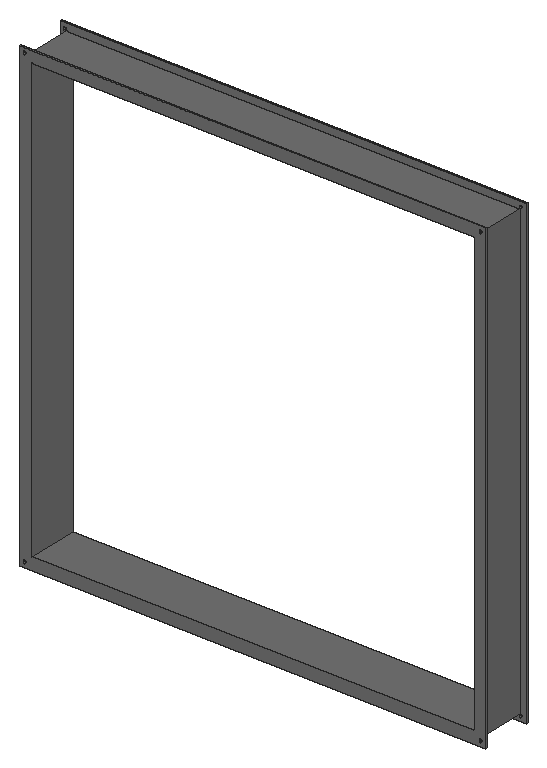
Revit family "19.Гибкая вставка ANR B1", category Оборудование, Revit 2016
Family settings
  Тип детали = Нормальный
  Размер круглого соединителя = Использовать диаметр
  На основе рабочей плоскости = Нет
  Всегда вертикально = Да
  При загрузке вырезать с полостями = Нет
  Общий = Нет
  Точка расчета площади = Нет
Parameters (values of type "ANR 12 B1")
  №8 = no
  №7 = no
  №6 = no
  №45 = no
  №40 = no
  №35 = no
  №30 = no
  №25 = no
  №20 = no
  №12 = yes
  Ширина = А - 2 * Р  # 1289.964 mm
  Середина = Б / 2  # 678.5 mm
  Р = Б * 0.0247  # 33.518 mm
  Д1 = Д - 20 mm  # 130 mm
  Д = 150 mm  # constant formula
  ножки(да/нет) [instance] = no
  Высота = Б - 2 * Р  # 1289.964 mm
  Б1 = 1328 mm
  А1 = 1328 mm
  А = 1357 mm
  Б = 1357 mm
  Частотный преобразователь [instance] = no
  Частота вращения n, об/мин = ""
  Тип, марка, обозначение = "ANR 12 B1"
  Сила тока J, А = ""
  Регулятор расхода [instance] = no
  Раздел = "ОВ"
  Примечание = ""
  Позиция = ""
  Напряжение U,В = ""
  Наименование и тех.хар-ка = "Гибкая вставка"  # constant formula
  Мощность двигателя N,Вт = ""
  Материал = Сталь серая
  Масса единицы = ""
  Код, оборудования = ""
  Ключевая пометка = "Вентиляция"
  Задание электрикам [instance] = no
  Задание автоматчикам [instance] = no
  Завод изготовитель = "KORF"  # constant formula
  Единица измерения = "шт."  # constant formula
Reference planes
  plane 1 "По центру (Вперед/Назад)": y = 0
  plane 2: z = 0
  plane 3 "По центру (Влево/Вправо)": x = 0
  plane 4: x = -678.5
  plane 5: x = 678.5
  plane 6: y = -75
  plane 7: y = 75
  plane 8: z = 1357
  plane 9: z = 1342.5
  plane 10: z = 14.5
  plane 11: x = -664
  plane 12: x = 664
  plane 13: z = 678.5
  plane 14: z = 1323.482
  plane 15: z = 33.518
  plane 16: x = 644.982
  plane 17: x = -644.982
Forms (mm)
  Extrusion 1, void, not visible
    sketch origin (-345, -245, 50) x (0, -1, 0) y (0, 0, -1)
      loop
        line (-477.965, -475) -> (-477.965, -450) -> (-528.913, -450) -> (-528.913, -475) -> (-477.965, -475)
    from -47.452 to 12
  Extrusion 2, solid, material "резина", detail levels fine
    sketch origin (0, 0, 0) x (1, 0, 0) y (0, 1, 0)
      loop
        line (-678.5, 75) -> (-678.5, -75) -> (678.5, -75) -> (678.5, 75) -> (-678.5, 75)
    from 0 to 1357
  Extrusion 3, void
    sketch origin (0, 0, 0) x (1, 0, 0) y (0, 0, 1)
      loop
        line (-644.982, 1323.482) -> (-644.982, 33.518) -> (644.982, 33.518) -> (644.982, 1323.482) -> (-644.982, 1323.482)
    from -75 to 75
  Sweep 4, void, detail levels fine
    path in 3D
      loop
        line (678.5, -75, 1357) -> (678.5, -75, 0) -> (-678.5, -75, 0) -> (-678.5, -75, 1357) -> (678.5, -75, 1357)
    profile origin (0, -75, 1357) x (0, 1, 0) y (0, 0, 1)
      loop
        line (3.795, 0) -> (3.795, -20) -> (146.295, -20) -> (146.295, 0) -> (3.795, 0)
  Extrusion 5, void
    sketch origin (0, 0, 0) x (1, 0, 0) y (0, 0, 1)
      loop
        circle (-664, 1342.5) r 5
      loop
        circle (664, 1342.5) r 5
      loop
        circle (664, 14.5) r 5
      loop
        circle (-664, 14.5) r 5
    from -75 to 75
  Extrusion 6, solid, material "резина", detail levels coarse
    sketch origin (0, 0, 0) x (1, 0, 0) y (0, 1, 0)
      loop
        line (-678.5, 75) -> (-678.5, -75) -> (678.5, -75) -> (678.5, 75) -> (-678.5, 75)
    from 0 to 2
Cuts and joins
  Extrusion 3, Sweep 4, Extrusion 5 cuts Extrusion 2
Lines and regions (mm)
  sketch lines
    curve 1: line (-678.5, -75, 1357) -> (678.5, -75, 1357)
    curve 2: line (678.5, -75, 1357) -> (678.5, -75, 0)
    curve 3: line (-678.5, -75, 1357) -> (-678.5, -75, 0)
    curve 4: line (678.5, -75, 0) -> (-678.5, -75, 0)
Dimensions and locks
  equal spacing: plane 6, plane 1 "По центру (Вперед/Назад)", plane 7
  "Д": plane 6 to plane 7
  equal spacing: plane 4, plane 3 "По центру (Влево/Вправо)", plane 5
  "А": plane 4 to plane 5
  "Б": plane 8 to level
  "Середина": plane 13 to level
  equal spacing: plane 9, plane 13, plane 10
  "Б1": plane 9 to plane 10
  equal spacing: plane 12, plane 3 "По центру (Влево/Вправо)", plane 11
  "А1": plane 12 to plane 11
  "Р": plane 17 to plane 4
  "Р": plane 5 to plane 16
  "Р": plane 15 to level
  "Р": plane 8 to plane 14
  plane 7 to plane 6 = 150 mm
  plane 8 to level = 1357 mm
  aligned and locked: level to plane 2
  aligned and locked: Extrusion 2 to plane 4
  aligned and locked: plane 5 to Extrusion 2
  aligned and locked: Extrusion 2 to plane 7
  aligned and locked: plane 6 to Extrusion 2
  aligned and locked: Extrusion 2 to plane 8
  aligned and locked: cut or joined group of Extrusion 2, Extrusion 3, Sweep 4, Extrusion 5 to plane 14
  aligned and locked: plane 16 to cut or joined group of Extrusion 2, Extrusion 3, Sweep 4, Extrusion 5
  aligned and locked: cut or joined group of Extrusion 2, Extrusion 3, Sweep 4, Extrusion 5 to plane 15
  aligned and locked: cut or joined group of Extrusion 2, Extrusion 3, Sweep 4, Extrusion 5 to plane 17
  aligned and locked: plane 6 to cut or joined group of Extrusion 2, Extrusion 3, Sweep 4, Extrusion 5
  aligned and locked: cut or joined group of Extrusion 2, Extrusion 3, Sweep 4, Extrusion 5 to plane 7
  aligned and locked: plane 6 to Extrusion 5
  aligned and locked: Extrusion 5 to plane 7
  aligned and locked: Extrusion 6 sketch curve to cut or joined group of Extrusion 2, Extrusion 3, Sweep 4, Extrusion 5  (x4)
  aligned and locked: nested 2 to plane 6
  aligned and locked: level to nested 2
  aligned and locked: nested 3 to plane 6
  aligned and locked: level to nested 3
  aligned and locked: plane 3 "По центру (Влево/Вправо)" to nested 3
  aligned and locked: plane 3 "По центру (Влево/Вправо)" to nested 2
  aligned and locked: nested 4 to plane 6
  aligned and locked: level to nested 4
  aligned and locked: plane 3 "По центру (Влево/Вправо)" to nested 4
  aligned and locked: nested 5 to plane 6
  aligned and locked: level to nested 5
  aligned and locked: plane 3 "По центру (Влево/Вправо)" to nested 5
  aligned and locked: nested 6 to plane 6
  aligned and locked: level to nested 6
  aligned and locked: plane 3 "По центру (Влево/Вправо)" to nested 6
  aligned and locked: nested 7 to plane 6
  aligned and locked: level to nested 7
  aligned and locked: plane 3 "По центру (Влево/Вправо)" to nested 7
  aligned and locked: nested 8 to plane 6
  aligned and locked: level to nested 8
  aligned and locked: nested 9 to plane 6
  aligned and locked: level to nested 9
  aligned and locked: plane 3 "По центру (Влево/Вправо)" to nested 9
  aligned and locked: plane 3 "По центру (Влево/Вправо)" to nested 8
  aligned and locked: nested 10 to plane 6
  aligned and locked: level to nested 10
  aligned and locked: nested 11 to plane 6
  aligned and locked: level to nested 11
Automatic sketch dimensions
  Extrusion 2 sketch curve to plane 4 = 0 mm
  Extrusion 2 sketch curve to plane 5 = 0 mm
  plane 6 to Extrusion 2 sketch curve = 0 mm
  plane 7 to Extrusion 2 sketch curve = 0 mm
  Extrusion 1 sketch curve to Extrusion 1 sketch curve = 50.949 mm
  Extrusion 1 sketch curve to Extrusion 1 sketch curve = 25 mm
  plane 17 to Extrusion 3 sketch curve = 0 mm
  Extrusion 3 sketch curve to plane 16 = 0 mm
  plane 15 to Extrusion 3 sketch curve = 0 mm
  Extrusion 3 sketch curve to plane 14 = 0 mm
  Sweep 4 sketch curve to profile plane = 0 mm
  Sweep 4 sketch curve to profile plane = 3.795 mm
  Sweep 4 sketch curve to profile plane = 20 mm
  Sweep 4 sketch curve to Sweep 4 sketch curve = 142.5 mm
  Extrusion 5 sketch curve to plane 10 = 0 mm  (x2)
  Extrusion 5 sketch curve to plane 11 = 0 mm  (x2)
  Extrusion 5 sketch curve to plane 9 = 0 mm  (x2)
  Extrusion 5 sketch curve to plane 12 = 0 mm  (x2)
  radius of Extrusion 5 sketch curve = 5 mm  (x4)
Nested families
  nested 1: "крепление 15мм" at (-330, 229.965, 495), type "крепление 15мм", not visible
  nested 2: "УГО гибкая вставка №6 (разрез)" at (0, 0, 0) x (0, 1, 0) z (0, 0, 1), visible <- "№6", высота <- "Б", длина <- "Д", type "УГО гибкая вставка №6 (разрез)", detail levels medium
    with длина 150 mm, высота 1357 mm, Ширина 0 mm
  nested 3: "УГО гибкая вставка №7 (разрез)" at (0, 0, 0) x (0, 1, 0) z (0, 0, 1), visible <- "№7", высота <- "Б", длина <- "Д", type "УГО гибкая вставка №7 (разрез)", detail levels medium
    with длина 150 mm, высота 1357 mm, Ширина 0 mm
  nested 4: "УГО гибкая вставка №8 (разрез)" at (0, 0, 0) x (0, 1, 0) z (0, 0, 1), visible <- "№8", высота <- "Б", длина <- "Д", type "УГО гибкая вставка №8 (разрез)", detail levels medium
    with длина 150 mm, высота 1357 mm, Ширина 0 mm
  nested 5: "УГО гибкая вставка №12 (разрез)" at (0, 0, 0) x (0, 1, 0) z (0, 0, 1), visible <- "№12", высота <- "Б", длина <- "Д", type "УГО гибкая вставка №12 (разрез)", detail levels medium
    with длина 150 mm, высота 1357 mm, Ширина 0 mm
  nested 6: "УГО гибкая вставка №20 (разрез)" at (0, 0, 0) x (0, 1, 0) z (0, 0, 1), visible <- "№20", высота <- "Б", длина <- "Д", type "УГО гибкая вставка №20 (разрез)", detail levels medium
    with длина 150 mm, высота 1357 mm, Ширина 0 mm
  nested 7: "УГО гибкая вставка №25 (разрез)" at (0, 0, 0) x (0, 1, 0) z (0, 0, 1), visible <- "№25", высота <- "Б", type "УГО гибкая вставка №25 (разрез)", detail levels medium
    with длина 150 mm, высота 1357 mm, Ширина 0 mm
  nested 8: "УГО гибкая вставка №30 (разрез)" at (0, 0, 0) x (0, 1, 0) z (0, 0, 1), visible <- "№30", высота <- "Б", длина <- "Д", type "УГО гибкая вставка №30 (разрез)", detail levels medium
    with длина 150 mm, высота 1357 mm, Ширина 0 mm
  nested 9: "УГО гибкая вставка №35 (разрез)" at (0, 0, 0) x (0, 1, 0) z (0, 0, 1), visible <- "№35", высота <- "Б", длина <- "Д", type "УГО гибкая вставка №35 (разрез)", detail levels medium
    with длина 150 mm, высота 1357 mm, Ширина 0 mm
  nested 10: "УГО гибкая вставка №40 (разрез)" at (1020.5, 0, 0) x (0, 1, 0) z (0, 0, 1), visible <- "№40", высота <- "Б", длина <- "Д", type "УГО гибкая вставка №40 (разрез)", detail levels medium
    with длина 150 mm, высота 1357 mm, Ширина 0 mm
  nested 11: "УГО гибкая вставка №45 (разрез)" at (1020.5, 0, 0) x (0, 1, 0) z (0, 0, 1), visible <- "№45", высота <- "Б", длина <- "Д", type "УГО гибкая вставка №45 (разрез)", detail levels medium
    with длина 150 mm, высота 1357 mm, Ширина 0 mm
Definition of nested family "крепление 15мм"
  Parameters (values of type "крепление 15мм")
    Материал крепления = none
  Reference planes
    plane 1 "По центру (Вперед/Назад)": y = 0
    plane 2: z = 0
    plane 3 "По центру (Влево/Вправо)": x = 0
  Forms (mm)
    Extrusion 1, solid, material <- "Материал крепления"
      sketch origin (0, 0, 0) x (1, 0, 0) y (0, 1, 0)
        loop
          line (-25, 0) -> (0, 0) -> (0, 18.31) -> (0, 25) -> (-3, 25) -> (-3, 3) -> (-25, 3) -> (-25, 0)
      from 0 to 30
    Extrusion 2, void
      sketch origin (0, 0, 0) x (1, 0, 0) y (0, 1, 0)
        loop
          line (-3, 3) -> (-3, 54.96) -> (-58, 54.96) -> (-58, 3) -> (-3, 3)
      from 0 to 15
  Cuts and joins
    Extrusion 2 cuts Extrusion 1
  Dimensions and locks
    Extrusion 1 sketch curve to Extrusion 1 sketch curve = 3 mm  (x2)
    Extrusion 1 sketch curve to Extrusion 1 sketch curve to plane 3 "По центру (Влево/Вправо)" = 25 mm, 0 mm
    Extrusion 1 sketch curve to Extrusion 1 sketch curve = 25 mm
    aligned and locked: level to plane 2
Definition of nested family "УГО гибкая вставка №6 (разрез)"
  Parameters (values of type "УГО гибкая вставка №6 (разрез)")
    длина [instance] = 150 mm
    высота [instance] = 1022 mm
    Ширина [instance] = 410 mm
    Частота вращения n, об/мин = ""
    Тип, марка, обозначение = ""
    Сила тока J, А = ""
    Раздел = ""
    Примечание = ""
    Позиция = ""
    Default Elevation = 1219.2 mm
    Напряжение U,В = ""
    Наименование и тех.хар-ка = ""
    Мощность двигателя N,Вт = ""
    Материал = none
    Масса единицы = ""
    Код, оборудования = ""
    Keynote = ""
    Завод изготовитель = ""
    Единица измерения = ""
    Диаметр = 110 mm
  Reference planes
    plane 1 "По центру (Вперед/Назад)": y = 0
    plane 2: z = 0
    plane 3 "По центру (Влево/Вправо)": x = 0
    plane 4: z = 1022
    plane 5: x = 75
    plane 6: x = -75
    plane 7: z = 511
  Lines and regions (mm)
    model lines
      curve 1: line (-75, 0, 0) -> (75, 0, 0)
      curve 2: line (-75, 0, 1022) -> (-75, 0, 0)
      curve 3: line (75, 0, 1022) -> (-75, 0, 1022)
      curve 4: line (75, 0, 0) -> (75, 0, 1022)
      curve 31: line (75, 0, 1022) -> (-75, 0, 897)
      curve 32: line (75, 0, 922) -> (-75, 0, 797)
      curve 33: line (75, 0, 822) -> (-75, 0, 697)
      curve 34: line (75, 0, 722) -> (-75, 0, 597)
      curve 35: line (75, 0, 622) -> (-75, 0, 497)
      curve 36: line (75, 0, 522) -> (-75, 0, 397)
      curve 37: line (75, 0, 422) -> (-75, 0, 297)
      curve 38: line (75, 0, 322) -> (-75, 0, 197)
      curve 39: line (75, 0, 222) -> (-75, 0, 97)
      curve 40: line (75, 0, 122) -> (-75, 0, -3)
      curve 41: line (-75, 0, 922) -> (75, 0, 797)
      curve 42: line (-75, 0, 822) -> (75, 0, 697)
      curve 43: line (-75, 0, 722) -> (75, 0, 597)
      curve 44: line (-75, 0, 622) -> (75, 0, 497)
      curve 45: line (-75, 0, 522) -> (75, 0, 397)
      curve 46: line (-75, 0, 422) -> (75, 0, 297)
      curve 47: line (-75, 0, 322) -> (75, 0, 197)
      curve 48: line (-75, 0, 222) -> (75, 0, 97)
      curve 49: line (-75, 0, 122) -> (75, 0, -3)
      curve 50: line (-75, 0, 1022) -> (75, 0, 897)
    model lines, not visible
      curve 5: line (63.964, 0, 624.61) -> (63.964, 0, 608.219)
      curve 6: line (63.964, 0, 608.219) -> (-88.681, 0, 555.659)
      curve 7: line (-88.681, 0, 555.659) -> (-88.681, 0, 524.267)
      curve 8: line (63.964, 0, 471.707) -> (-88.681, 0, 524.267)
      curve 9: line (63.964, 0, 471.707) -> (63.964, 0, 455.315)
      curve 10: line (63.964, 0, 455.315) -> (-88.681, 0, 402.755)
      curve 11: line (-88.681, 0, 402.755) -> (-88.681, 0, 371.363)
      curve 12: line (63.964, 0, 318.804) -> (-88.681, 0, 371.363)
      curve 13: line (63.964, 0, 318.804) -> (63.964, 0, 302.412)
      curve 14: line (63.964, 0, 302.412) -> (-88.681, 0, 249.852)
      curve 15: line (-88.681, 0, 249.852) -> (-88.681, 0, 218.46)
      curve 16: line (63.964, 0, 165.9) -> (-88.681, 0, 218.46)
      curve 17: line (63.964, 0, 165.9) -> (63.964, 0, 149.508)
      curve 18: line (63.964, 0, 149.508) -> (-88.681, 0, 96.948)
      curve 19: line (-88.681, 0, 96.948) -> (-88.681, 0, 65.557)
      curve 20: line (63.964, 0, 12.997) -> (-88.681, 0, 65.557)
      curve 21: circle (0, 0, 250) r 25 normal (0, -1, 0)
      curve 22: line (31.82, 0, 281.82) -> (-31.82, 0, 218.18)
      curve 23: circle (0, 0, 352.5) r 25 normal (0, -1, 0)
      curve 24: line (31.82, 0, 384.32) -> (-31.82, 0, 320.68)
      curve 25: circle (0, 0, 450) r 25 normal (0, -1, 0)
      curve 26: line (31.82, 0, 481.82) -> (-31.82, 0, 418.18)
      curve 27: circle (0, 0, 50.755) r 25 normal (0, -1, 0)
      curve 28: line (31.82, 0, 82.575) -> (-31.82, 0, 18.935)
      curve 29: circle (0, 0, 148.255) r 25 normal (0, -1, 0)
      curve 30: line (31.82, 0, 180.075) -> (-31.82, 0, 116.435)
      curve 51: line (75, 0, 1022) -> (-75, 0, 897)
      curve 52: line (75, 0, 922) -> (-75, 0, 797)
      curve 53: line (75, 0, 822) -> (-75, 0, 697)
      curve 54: line (75, 0, 722) -> (-75, 0, 597)
      curve 55: line (75, 0, 622) -> (-75, 0, 497)
      curve 56: line (75, 0, 522) -> (-75, 0, 397)
      curve 57: line (75, 0, 422) -> (-75, 0, 297)
      curve 58: line (75, 0, 322) -> (-75, 0, 197)
      curve 59: line (75, 0, 222) -> (-75, 0, 97)
      curve 60: line (75, 0, 122) -> (-75, 0, -3)
      curve 61: line (-75, 0, 922) -> (75, 0, 797)
      curve 62: line (-75, 0, 822) -> (75, 0, 697)
      curve 63: line (-75, 0, 722) -> (75, 0, 597)
      curve 64: line (-75, 0, 622) -> (75, 0, 497)
      curve 65: line (-75, 0, 522) -> (75, 0, 397)
      curve 66: line (-75, 0, 422) -> (75, 0, 297)
      curve 67: line (-75, 0, 322) -> (75, 0, 197)
      curve 68: line (-75, 0, 222) -> (75, 0, 97)
      curve 69: line (-75, 0, 122) -> (75, 0, -3)
      curve 70: line (-75, 0, 1022) -> (75, 0, 897)
  Dimensions and locks
    equal spacing: plane 5, plane 3 "По центру (Влево/Вправо)", plane 6
    "длина": plane 5 to plane 6
    "высота": plane 4 to level
    equal spacing: plane 4, plane 7, plane 2
    aligned and locked: level to plane 2
  Automatic sketch dimensions
    curve 1 to level = 0 mm
    curve 1 to plane 6 = 0 mm
    curve 3 to plane 4 = 0 mm
    curve 3 to plane 5 = 0 mm
Definition of nested family "УГО гибкая вставка №7 (разрез)"
  Parameters (values of type "УГО гибкая вставка №7 (разрез)")
    длина [instance] = 150 mm
    высота [instance] = 1242 mm
    Ширина [instance] = 410 mm
    Частота вращения n, об/мин = ""
    Тип, марка, обозначение = ""
    Сила тока J, А = ""
    Раздел = ""
    Примечание = ""
    Позиция = ""
    Default Elevation = 1219.2 mm
    Напряжение U,В = ""
    Наименование и тех.хар-ка = ""
    Мощность двигателя N,Вт = ""
    Материал = none
    Масса единицы = ""
    Код, оборудования = ""
    Keynote = ""
    Завод изготовитель = ""
    Единица измерения = ""
    Диаметр = 110 mm
  Reference planes
    plane 1 "По центру (Вперед/Назад)": y = 0
    plane 2: z = 0
    plane 3 "По центру (Влево/Вправо)": x = 0
    plane 4: z = 1242
    plane 5: x = 75
    plane 6: x = -75
    plane 7: z = 621
  Lines and regions (mm)
    model lines
      curve 1: line (-75, 0, 0) -> (75, 0, 0)
      curve 2: line (-75, 0, 1242) -> (-75, 0, 0)
      curve 3: line (75, 0, 1242) -> (-75, 0, 1242)
      curve 4: line (75, 0, 0) -> (75, 0, 1242)
      curve 31: line (75, 0, 1037) -> (-75, 0, 912)
      curve 32: line (75, 0, 937) -> (-75, 0, 812)
      curve 33: line (75, 0, 837) -> (-75, 0, 712)
      curve 34: line (75, 0, 737) -> (-75, 0, 612)
      curve 35: line (75, 0, 637) -> (-75, 0, 512)
      curve 36: line (75, 0, 537) -> (-75, 0, 412)
      curve 37: line (75, 0, 437) -> (-75, 0, 312)
      curve 38: line (75, 0, 337) -> (-75, 0, 212)
      curve 39: line (75, 0, 237) -> (-75, 0, 112)
      curve 40: line (75, 0, 137) -> (-75, 0, 12)
      curve 41: line (-75, 0, 937) -> (75, 0, 812)
      curve 42: line (-75, 0, 837) -> (75, 0, 712)
      curve 43: line (-75, 0, 737) -> (75, 0, 612)
      curve 44: line (-75, 0, 637) -> (75, 0, 512)
      curve 45: line (-75, 0, 537) -> (75, 0, 412)
      curve 46: line (-75, 0, 437) -> (75, 0, 312)
      curve 47: line (-75, 0, 337) -> (75, 0, 212)
      curve 48: line (-75, 0, 237) -> (75, 0, 112)
      curve 49: line (-75, 0, 137) -> (75, 0, 12)
      curve 50: line (-75, 0, 1037) -> (75, 0, 912)
      curve 71: line (75, 0, 1137) -> (-75, 0, 1012)
      curve 72: line (-75, 0, 1137) -> (75, 0, 1012)
      curve 73: line (75, 0, 1237) -> (-75, 0, 1112)
      curve 74: line (-75, 0, 1237) -> (75, 0, 1112)
    model lines, not visible
      curve 5: line (63.964, 0, 624.61) -> (63.964, 0, 608.219)
      curve 6: line (63.964, 0, 608.219) -> (-88.681, 0, 555.659)
      curve 7: line (-88.681, 0, 555.659) -> (-88.681, 0, 524.267)
      curve 8: line (63.964, 0, 471.707) -> (-88.681, 0, 524.267)
      curve 9: line (63.964, 0, 471.707) -> (63.964, 0, 455.315)
      curve 10: line (63.964, 0, 455.315) -> (-88.681, 0, 402.755)
      curve 11: line (-88.681, 0, 402.755) -> (-88.681, 0, 371.363)
      curve 12: line (63.964, 0, 318.804) -> (-88.681, 0, 371.363)
      curve 13: line (63.964, 0, 318.804) -> (63.964, 0, 302.412)
      curve 14: line (63.964, 0, 302.412) -> (-88.681, 0, 249.852)
      curve 15: line (-88.681, 0, 249.852) -> (-88.681, 0, 218.46)
      curve 16: line (63.964, 0, 165.9) -> (-88.681, 0, 218.46)
      curve 17: line (63.964, 0, 165.9) -> (63.964, 0, 149.508)
      curve 18: line (63.964, 0, 149.508) -> (-88.681, 0, 96.948)
      curve 19: line (-88.681, 0, 96.948) -> (-88.681, 0, 65.557)
      curve 20: line (63.964, 0, 12.997) -> (-88.681, 0, 65.557)
      curve 21: circle (0, 0, 250) r 25 normal (0, -1, 0)
      curve 22: line (31.82, 0, 281.82) -> (-31.82, 0, 218.18)
      curve 23: circle (0, 0, 352.5) r 25 normal (0, -1, 0)
      curve 24: line (31.82, 0, 384.32) -> (-31.82, 0, 320.68)
      curve 25: circle (0, 0, 450) r 25 normal (0, -1, 0)
      curve 26: line (31.82, 0, 481.82) -> (-31.82, 0, 418.18)
      curve 27: circle (0, 0, 50.755) r 25 normal (0, -1, 0)
      curve 28: line (31.82, 0, 82.575) -> (-31.82, 0, 18.935)
      curve 29: circle (0, 0, 148.255) r 25 normal (0, -1, 0)
      curve 30: line (31.82, 0, 180.075) -> (-31.82, 0, 116.435)
      curve 51: line (75, 0, 1022) -> (-75, 0, 897)
      curve 52: line (75, 0, 922) -> (-75, 0, 797)
      curve 53: line (75, 0, 822) -> (-75, 0, 697)
      curve 54: line (75, 0, 722) -> (-75, 0, 597)
      curve 55: line (75, 0, 622) -> (-75, 0, 497)
      curve 56: line (75, 0, 522) -> (-75, 0, 397)
      curve 57: line (75, 0, 422) -> (-75, 0, 297)
      curve 58: line (75, 0, 322) -> (-75, 0, 197)
      curve 59: line (75, 0, 222) -> (-75, 0, 97)
      curve 60: line (75, 0, 122) -> (-75, 0, -3)
      curve 61: line (-75, 0, 922) -> (75, 0, 797)
      curve 62: line (-75, 0, 822) -> (75, 0, 697)
      curve 63: line (-75, 0, 722) -> (75, 0, 597)
      curve 64: line (-75, 0, 622) -> (75, 0, 497)
      curve 65: line (-75, 0, 522) -> (75, 0, 397)
      curve 66: line (-75, 0, 422) -> (75, 0, 297)
      curve 67: line (-75, 0, 322) -> (75, 0, 197)
      curve 68: line (-75, 0, 222) -> (75, 0, 97)
      curve 69: line (-75, 0, 122) -> (75, 0, -3)
      curve 70: line (-75, 0, 1022) -> (75, 0, 897)
      curve 75: line (75, 0, 1037) -> (-75, 0, 912)
      curve 76: line (75, 0, 937) -> (-75, 0, 812)
      curve 77: line (75, 0, 837) -> (-75, 0, 712)
      curve 78: line (75, 0, 737) -> (-75, 0, 612)
      curve 79: line (75, 0, 637) -> (-75, 0, 512)
      curve 80: line (75, 0, 537) -> (-75, 0, 412)
      curve 81: line (75, 0, 437) -> (-75, 0, 312)
      curve 82: line (75, 0, 337) -> (-75, 0, 212)
      curve 83: line (75, 0, 237) -> (-75, 0, 112)
      curve 84: line (75, 0, 137) -> (-75, 0, 12)
      curve 85: line (-75, 0, 937) -> (75, 0, 812)
      curve 86: line (-75, 0, 837) -> (75, 0, 712)
      curve 87: line (-75, 0, 737) -> (75, 0, 612)
      curve 88: line (-75, 0, 637) -> (75, 0, 512)
      curve 89: line (-75, 0, 537) -> (75, 0, 412)
      curve 90: line (-75, 0, 437) -> (75, 0, 312)
      curve 91: line (-75, 0, 337) -> (75, 0, 212)
      curve 92: line (-75, 0, 237) -> (75, 0, 112)
      curve 93: line (-75, 0, 137) -> (75, 0, 12)
      curve 94: line (-75, 0, 1037) -> (75, 0, 912)
      curve 95: line (75, 0, 1137) -> (-75, 0, 1012)
      curve 96: line (-75, 0, 1137) -> (75, 0, 1012)
      curve 97: line (75, 0, 1237) -> (-75, 0, 1112)
      curve 98: line (-75, 0, 1237) -> (75, 0, 1112)
  Dimensions and locks
    equal spacing: plane 5, plane 3 "По центру (Влево/Вправо)", plane 6
    "длина": plane 5 to plane 6
    "высота": plane 4 to level
    equal spacing: plane 4, plane 7, plane 2
    aligned and locked: level to plane 2
  Automatic sketch dimensions
    curve 1 to level = 0 mm
    curve 1 to plane 6 = 0 mm
    curve 3 to plane 4 = 0 mm
    curve 3 to plane 5 = 0 mm
Definition of nested family "УГО гибкая вставка №8 (разрез)"
  Parameters (values of type "УГО гибкая вставка №8 (разрез)")
    длина [instance] = 150 mm
    высота [instance] = 1242 mm
    Ширина [instance] = 410 mm
    Частота вращения n, об/мин = ""
    Тип, марка, обозначение = ""
    Сила тока J, А = ""
    Раздел = ""
    Примечание = ""
    Позиция = ""
    Default Elevation = 1219.2 mm
    Напряжение U,В = ""
    Наименование и тех.хар-ка = ""
    Мощность двигателя N,Вт = ""
    Материал = none
    Масса единицы = ""
    Код, оборудования = ""
    Keynote = ""
    Завод изготовитель = ""
    Единица измерения = ""
    Диаметр = 110 mm
  Reference planes
    plane 1 "По центру (Вперед/Назад)": y = 0
    plane 2: z = 0
    plane 3 "По центру (Влево/Вправо)": x = 0
    plane 4: z = 1242
    plane 5: x = 75
    plane 6: x = -75
    plane 7: z = 621
  Lines and regions (mm)
    model lines
      curve 1: line (-75, 0, 0) -> (75, 0, 0)
      curve 2: line (-75, 0, 1242) -> (-75, 0, 0)
      curve 3: line (75, 0, 1242) -> (-75, 0, 1242)
      curve 4: line (75, 0, 0) -> (75, 0, 1242)
      curve 31: line (75, 0, 1037) -> (-75, 0, 912)
      curve 32: line (75, 0, 937) -> (-75, 0, 812)
      curve 33: line (75, 0, 837) -> (-75, 0, 712)
      curve 34: line (75, 0, 737) -> (-75, 0, 612)
      curve 35: line (75, 0, 637) -> (-75, 0, 512)
      curve 36: line (75, 0, 537) -> (-75, 0, 412)
      curve 37: line (75, 0, 437) -> (-75, 0, 312)
      curve 38: line (75, 0, 337) -> (-75, 0, 212)
      curve 39: line (75, 0, 237) -> (-75, 0, 112)
      curve 40: line (75, 0, 137) -> (-75, 0, 12)
      curve 41: line (-75, 0, 937) -> (75, 0, 812)
      curve 42: line (-75, 0, 837) -> (75, 0, 712)
      curve 43: line (-75, 0, 737) -> (75, 0, 612)
      curve 44: line (-75, 0, 637) -> (75, 0, 512)
      curve 45: line (-75, 0, 537) -> (75, 0, 412)
      curve 46: line (-75, 0, 437) -> (75, 0, 312)
      curve 47: line (-75, 0, 337) -> (75, 0, 212)
      curve 48: line (-75, 0, 237) -> (75, 0, 112)
      curve 49: line (-75, 0, 137) -> (75, 0, 12)
      curve 50: line (-75, 0, 1037) -> (75, 0, 912)
      curve 71: line (75, 0, 1137) -> (-75, 0, 1012)
      curve 72: line (-75, 0, 1137) -> (75, 0, 1012)
      curve 73: line (75, 0, 1237) -> (-75, 0, 1112)
      curve 74: line (-75, 0, 1237) -> (75, 0, 1112)
    model lines, not visible
      curve 5: line (63.964, 0, 624.61) -> (63.964, 0, 608.219)
      curve 6: line (63.964, 0, 608.219) -> (-88.681, 0, 555.659)
      curve 7: line (-88.681, 0, 555.659) -> (-88.681, 0, 524.267)
      curve 8: line (63.964, 0, 471.707) -> (-88.681, 0, 524.267)
      curve 9: line (63.964, 0, 471.707) -> (63.964, 0, 455.315)
      curve 10: line (63.964, 0, 455.315) -> (-88.681, 0, 402.755)
      curve 11: line (-88.681, 0, 402.755) -> (-88.681, 0, 371.363)
      curve 12: line (63.964, 0, 318.804) -> (-88.681, 0, 371.363)
      curve 13: line (63.964, 0, 318.804) -> (63.964, 0, 302.412)
      curve 14: line (63.964, 0, 302.412) -> (-88.681, 0, 249.852)
      curve 15: line (-88.681, 0, 249.852) -> (-88.681, 0, 218.46)
      curve 16: line (63.964, 0, 165.9) -> (-88.681, 0, 218.46)
      curve 17: line (63.964, 0, 165.9) -> (63.964, 0, 149.508)
      curve 18: line (63.964, 0, 149.508) -> (-88.681, 0, 96.948)
      curve 19: line (-88.681, 0, 96.948) -> (-88.681, 0, 65.557)
      curve 20: line (63.964, 0, 12.997) -> (-88.681, 0, 65.557)
      curve 21: circle (0, 0, 250) r 25 normal (0, -1, 0)
      curve 22: line (31.82, 0, 281.82) -> (-31.82, 0, 218.18)
      curve 23: circle (0, 0, 352.5) r 25 normal (0, -1, 0)
      curve 24: line (31.82, 0, 384.32) -> (-31.82, 0, 320.68)
      curve 25: circle (0, 0, 450) r 25 normal (0, -1, 0)
      curve 26: line (31.82, 0, 481.82) -> (-31.82, 0, 418.18)
      curve 27: circle (0, 0, 50.755) r 25 normal (0, -1, 0)
      curve 28: line (31.82, 0, 82.575) -> (-31.82, 0, 18.935)
      curve 29: circle (0, 0, 148.255) r 25 normal (0, -1, 0)
      curve 30: line (31.82, 0, 180.075) -> (-31.82, 0, 116.435)
      curve 51: line (75, 0, 1022) -> (-75, 0, 897)
      curve 52: line (75, 0, 922) -> (-75, 0, 797)
      curve 53: line (75, 0, 822) -> (-75, 0, 697)
      curve 54: line (75, 0, 722) -> (-75, 0, 597)
      curve 55: line (75, 0, 622) -> (-75, 0, 497)
      curve 56: line (75, 0, 522) -> (-75, 0, 397)
      curve 57: line (75, 0, 422) -> (-75, 0, 297)
      curve 58: line (75, 0, 322) -> (-75, 0, 197)
      curve 59: line (75, 0, 222) -> (-75, 0, 97)
      curve 60: line (75, 0, 122) -> (-75, 0, -3)
      curve 61: line (-75, 0, 922) -> (75, 0, 797)
      curve 62: line (-75, 0, 822) -> (75, 0, 697)
      curve 63: line (-75, 0, 722) -> (75, 0, 597)
      curve 64: line (-75, 0, 622) -> (75, 0, 497)
      curve 65: line (-75, 0, 522) -> (75, 0, 397)
      curve 66: line (-75, 0, 422) -> (75, 0, 297)
      curve 67: line (-75, 0, 322) -> (75, 0, 197)
      curve 68: line (-75, 0, 222) -> (75, 0, 97)
      curve 69: line (-75, 0, 122) -> (75, 0, -3)
      curve 70: line (-75, 0, 1022) -> (75, 0, 897)
      curve 75: line (75, 0, 1037) -> (-75, 0, 912)
      curve 76: line (75, 0, 937) -> (-75, 0, 812)
      curve 77: line (75, 0, 837) -> (-75, 0, 712)
      curve 78: line (75, 0, 737) -> (-75, 0, 612)
      curve 79: line (75, 0, 637) -> (-75, 0, 512)
      curve 80: line (75, 0, 537) -> (-75, 0, 412)
      curve 81: line (75, 0, 437) -> (-75, 0, 312)
      curve 82: line (75, 0, 337) -> (-75, 0, 212)
      curve 83: line (75, 0, 237) -> (-75, 0, 112)
      curve 84: line (75, 0, 137) -> (-75, 0, 12)
      curve 85: line (-75, 0, 937) -> (75, 0, 812)
      curve 86: line (-75, 0, 837) -> (75, 0, 712)
      curve 87: line (-75, 0, 737) -> (75, 0, 612)
      curve 88: line (-75, 0, 637) -> (75, 0, 512)
      curve 89: line (-75, 0, 537) -> (75, 0, 412)
      curve 90: line (-75, 0, 437) -> (75, 0, 312)
      curve 91: line (-75, 0, 337) -> (75, 0, 212)
      curve 92: line (-75, 0, 237) -> (75, 0, 112)
      curve 93: line (-75, 0, 137) -> (75, 0, 12)
      curve 94: line (-75, 0, 1037) -> (75, 0, 912)
      curve 95: line (75, 0, 1137) -> (-75, 0, 1012)
      curve 96: line (-75, 0, 1137) -> (75, 0, 1012)
      curve 97: line (75, 0, 1237) -> (-75, 0, 1112)
      curve 98: line (-75, 0, 1237) -> (75, 0, 1112)
  Dimensions and locks
    equal spacing: plane 5, plane 3 "По центру (Влево/Вправо)", plane 6
    "длина": plane 5 to plane 6
    "высота": plane 4 to level
    equal spacing: plane 4, plane 7, plane 2
    aligned and locked: level to plane 2
  Automatic sketch dimensions
    curve 1 to level = 0 mm
    curve 1 to plane 6 = 0 mm
    curve 3 to plane 4 = 0 mm
    curve 3 to plane 5 = 0 mm
Definition of nested family "УГО гибкая вставка №12 (разрез)"
  Parameters (values of type "УГО гибкая вставка №12 (разрез)")
    длина [instance] = 150 mm
    высота [instance] = 1357 mm
    Ширина [instance] = 410 mm
    Частота вращения n, об/мин = ""
    Тип, марка, обозначение = ""
    Сила тока J, А = ""
    Раздел = ""
    Примечание = ""
    Позиция = ""
    Default Elevation = 1219.2 mm
    Напряжение U,В = ""
    Наименование и тех.хар-ка = ""
    Мощность двигателя N,Вт = ""
    Материал = none
    Масса единицы = ""
    Код, оборудования = ""
    Keynote = ""
    Завод изготовитель = ""
    Единица измерения = ""
    Диаметр = 110 mm
  Reference planes
    plane 1 "По центру (Вперед/Назад)": y = 0
    plane 2: z = 0
    plane 3 "По центру (Влево/Вправо)": x = 0
    plane 4: z = 1357
    plane 5: x = 75
    plane 6: x = -75
    plane 7: z = 678.5
  Lines and regions (mm)
    model lines
      curve 1: line (-75, 0, 0) -> (75, 0, 0)
      curve 2: line (-75, 0, 1357) -> (-75, 0, 0)
      curve 3: line (75, 0, 1357) -> (-75, 0, 1357)
      curve 4: line (75, 0, 0) -> (75, 0, 1357)
      curve 31: line (75, 0, 1022) -> (-75, 0, 897)
      curve 32: line (75, 0, 922) -> (-75, 0, 797)
      curve 33: line (75, 0, 822) -> (-75, 0, 697)
      curve 34: line (75, 0, 722) -> (-75, 0, 597)
      curve 35: line (75, 0, 622) -> (-75, 0, 497)
      curve 36: line (75, 0, 522) -> (-75, 0, 397)
      curve 37: line (75, 0, 422) -> (-75, 0, 297)
      curve 38: line (75, 0, 322) -> (-75, 0, 197)
      curve 39: line (75, 0, 222) -> (-75, 0, 97)
      curve 40: line (75, 0, 122) -> (-75, 0, -3)
      curve 41: line (-75, 0, 922) -> (75, 0, 797)
      curve 42: line (-75, 0, 822) -> (75, 0, 697)
      curve 43: line (-75, 0, 722) -> (75, 0, 597)
      curve 44: line (-75, 0, 622) -> (75, 0, 497)
      curve 45: line (-75, 0, 522) -> (75, 0, 397)
      curve 46: line (-75, 0, 422) -> (75, 0, 297)
      curve 47: line (-75, 0, 322) -> (75, 0, 197)
      curve 48: line (-75, 0, 222) -> (75, 0, 97)
      curve 49: line (-75, 0, 122) -> (75, 0, -3)
      curve 50: line (-75, 0, 1022) -> (75, 0, 897)
      curve 71: line (75, 0, 1322) -> (-75, 0, 1197)
      curve 72: line (75, 0, 1222) -> (-75, 0, 1097)
      curve 73: line (75, 0, 1122) -> (-75, 0, 997)
      curve 74: line (-75, 0, 1222) -> (75, 0, 1097)
      curve 75: line (-75, 0, 1122) -> (75, 0, 997)
      curve 76: line (-75, 0, 1322) -> (75, 0, 1197)
    model lines, not visible
      curve 5: line (63.964, 0, 624.61) -> (63.964, 0, 608.219)
      curve 6: line (63.964, 0, 608.219) -> (-88.681, 0, 555.659)
      curve 7: line (-88.681, 0, 555.659) -> (-88.681, 0, 524.267)
      curve 8: line (63.964, 0, 471.707) -> (-88.681, 0, 524.267)
      curve 9: line (63.964, 0, 471.707) -> (63.964, 0, 455.315)
      curve 10: line (63.964, 0, 455.315) -> (-88.681, 0, 402.755)
      curve 11: line (-88.681, 0, 402.755) -> (-88.681, 0, 371.363)
      curve 12: line (63.964, 0, 318.804) -> (-88.681, 0, 371.363)
      curve 13: line (63.964, 0, 318.804) -> (63.964, 0, 302.412)
      curve 14: line (63.964, 0, 302.412) -> (-88.681, 0, 249.852)
      curve 15: line (-88.681, 0, 249.852) -> (-88.681, 0, 218.46)
      curve 16: line (63.964, 0, 165.9) -> (-88.681, 0, 218.46)
      curve 17: line (63.964, 0, 165.9) -> (63.964, 0, 149.508)
      curve 18: line (63.964, 0, 149.508) -> (-88.681, 0, 96.948)
      curve 19: line (-88.681, 0, 96.948) -> (-88.681, 0, 65.557)
      curve 20: line (63.964, 0, 12.997) -> (-88.681, 0, 65.557)
      curve 21: circle (0, 0, 250) r 25 normal (0, -1, 0)
      curve 22: line (31.82, 0, 281.82) -> (-31.82, 0, 218.18)
      curve 23: circle (0, 0, 352.5) r 25 normal (0, -1, 0)
      curve 24: line (31.82, 0, 384.32) -> (-31.82, 0, 320.68)
      curve 25: circle (0, 0, 450) r 25 normal (0, -1, 0)
      curve 26: line (31.82, 0, 481.82) -> (-31.82, 0, 418.18)
      curve 27: circle (0, 0, 50.755) r 25 normal (0, -1, 0)
      curve 28: line (31.82, 0, 82.575) -> (-31.82, 0, 18.935)
      curve 29: circle (0, 0, 148.255) r 25 normal (0, -1, 0)
      curve 30: line (31.82, 0, 180.075) -> (-31.82, 0, 116.435)
      curve 51: line (75, 0, 1022) -> (-75, 0, 897)
      curve 52: line (75, 0, 922) -> (-75, 0, 797)
      curve 53: line (75, 0, 822) -> (-75, 0, 697)
      curve 54: line (75, 0, 722) -> (-75, 0, 597)
      curve 55: line (75, 0, 622) -> (-75, 0, 497)
      curve 56: line (75, 0, 522) -> (-75, 0, 397)
      curve 57: line (75, 0, 422) -> (-75, 0, 297)
      curve 58: line (75, 0, 322) -> (-75, 0, 197)
      curve 59: line (75, 0, 222) -> (-75, 0, 97)
      curve 60: line (75, 0, 122) -> (-75, 0, -3)
      curve 61: line (-75, 0, 922) -> (75, 0, 797)
      curve 62: line (-75, 0, 822) -> (75, 0, 697)
      curve 63: line (-75, 0, 722) -> (75, 0, 597)
      curve 64: line (-75, 0, 622) -> (75, 0, 497)
      curve 65: line (-75, 0, 522) -> (75, 0, 397)
      curve 66: line (-75, 0, 422) -> (75, 0, 297)
      curve 67: line (-75, 0, 322) -> (75, 0, 197)
      curve 68: line (-75, 0, 222) -> (75, 0, 97)
      curve 69: line (-75, 0, 122) -> (75, 0, -3)
      curve 70: line (-75, 0, 1022) -> (75, 0, 897)
      curve 77: line (75, 0, 1022) -> (-75, 0, 897)
      curve 78: line (75, 0, 922) -> (-75, 0, 797)
      curve 79: line (75, 0, 822) -> (-75, 0, 697)
      curve 80: line (75, 0, 722) -> (-75, 0, 597)
      curve 81: line (75, 0, 622) -> (-75, 0, 497)
      curve 82: line (75, 0, 522) -> (-75, 0, 397)
      curve 83: line (75, 0, 422) -> (-75, 0, 297)
      curve 84: line (75, 0, 322) -> (-75, 0, 197)
      curve 85: line (75, 0, 222) -> (-75, 0, 97)
      curve 86: line (75, 0, 122) -> (-75, 0, -3)
      curve 87: line (-75, 0, 922) -> (75, 0, 797)
      curve 88: line (-75, 0, 822) -> (75, 0, 697)
      curve 89: line (-75, 0, 722) -> (75, 0, 597)
      curve 90: line (-75, 0, 622) -> (75, 0, 497)
      curve 91: line (-75, 0, 522) -> (75, 0, 397)
      curve 92: line (-75, 0, 422) -> (75, 0, 297)
      curve 93: line (-75, 0, 322) -> (75, 0, 197)
      curve 94: line (-75, 0, 222) -> (75, 0, 97)
      curve 95: line (-75, 0, 122) -> (75, 0, -3)
      curve 96: line (-75, 0, 1022) -> (75, 0, 897)
      curve 97: line (75, 0, 1322) -> (-75, 0, 1197)
      curve 98: line (75, 0, 1222) -> (-75, 0, 1097)
      curve 99: line (75, 0, 1122) -> (-75, 0, 997)
      curve 100: line (-75, 0, 1222) -> (75, 0, 1097)
      curve 101: line (-75, 0, 1122) -> (75, 0, 997)
      curve 102: line (-75, 0, 1322) -> (75, 0, 1197)
  Dimensions and locks
    equal spacing: plane 5, plane 3 "По центру (Влево/Вправо)", plane 6
    "длина": plane 5 to plane 6
    "высота": plane 4 to level
    equal spacing: plane 4, plane 7, plane 2
    aligned and locked: level to plane 2
  Automatic sketch dimensions
    curve 1 to level = 0 mm
    curve 1 to plane 6 = 0 mm
    curve 4 to plane 4 = 0 mm
    curve 3 to plane 5 = 0 mm
Definition of nested family "УГО гибкая вставка №20 (разрез)"
  Parameters (values of type "УГО гибкая вставка №20 (разрез)")
    длина [instance] = 150 mm
    высота [instance] = 1582 mm
    Ширина [instance] = 410 mm
    Частота вращения n, об/мин = ""
    Тип, марка, обозначение = ""
    Сила тока J, А = ""
    Раздел = ""
    Примечание = ""
    Позиция = ""
    Default Elevation = 1219.2 mm
    Напряжение U,В = ""
    Наименование и тех.хар-ка = ""
    Мощность двигателя N,Вт = ""
    Материал = none
    Масса единицы = ""
    Код, оборудования = ""
    Keynote = ""
    Завод изготовитель = ""
    Единица измерения = ""
    Диаметр = 110 mm
  Reference planes
    plane 1 "По центру (Вперед/Назад)": y = 0
    plane 2: z = 0
    plane 3 "По центру (Влево/Вправо)": x = 0
    plane 4: z = 1582
    plane 5: x = 75
    plane 6: x = -75
    plane 7: z = 791
  Lines and regions (mm)
    model lines
      curve 1: line (-75, 0, 0) -> (75, 0, 0)
      curve 2: line (-75, 0, 1582) -> (-75, 0, 0)
      curve 3: line (75, 0, 1582) -> (-75, 0, 1582)
      curve 4: line (75, 0, 0) -> (75, 0, 1582)
      curve 31: line (75, 0, 1022) -> (-75, 0, 897)
      curve 32: line (75, 0, 922) -> (-75, 0, 797)
      curve 33: line (75, 0, 822) -> (-75, 0, 697)
      curve 34: line (75, 0, 722) -> (-75, 0, 597)
      curve 35: line (75, 0, 622) -> (-75, 0, 497)
      curve 36: line (75, 0, 522) -> (-75, 0, 397)
      curve 37: line (75, 0, 422) -> (-75, 0, 297)
      curve 38: line (75, 0, 322) -> (-75, 0, 197)
      curve 39: line (75, 0, 222) -> (-75, 0, 97)
      curve 40: line (75, 0, 122) -> (-75, 0, -3)
      curve 41: line (-75, 0, 922) -> (75, 0, 797)
      curve 42: line (-75, 0, 822) -> (75, 0, 697)
      curve 43: line (-75, 0, 722) -> (75, 0, 597)
      curve 44: line (-75, 0, 622) -> (75, 0, 497)
      curve 45: line (-75, 0, 522) -> (75, 0, 397)
      curve 46: line (-75, 0, 422) -> (75, 0, 297)
      curve 47: line (-75, 0, 322) -> (75, 0, 197)
      curve 48: line (-75, 0, 222) -> (75, 0, 97)
      curve 49: line (-75, 0, 122) -> (75, 0, -3)
      curve 50: line (-75, 0, 1022) -> (75, 0, 897)
      curve 71: line (75, 0, 1322) -> (-75, 0, 1197)
      curve 72: line (75, 0, 1222) -> (-75, 0, 1097)
      curve 73: line (75, 0, 1122) -> (-75, 0, 997)
      curve 74: line (-75, 0, 1222) -> (75, 0, 1097)
      curve 75: line (-75, 0, 1122) -> (75, 0, 997)
      curve 76: line (-75, 0, 1322) -> (75, 0, 1197)
      curve 103: line (27, 0, 1582) -> (-75, 0, 1497)
      curve 104: line (75, 0, 1522) -> (-75, 0, 1397)
      curve 105: line (75, 0, 1422) -> (-75, 0, 1297)
      curve 106: line (-75, 0, 1522) -> (75, 0, 1397)
      curve 107: line (-75, 0, 1422) -> (75, 0, 1297)
      curve 108: line (-27, 0, 1582) -> (75, 0, 1497)
    model lines, not visible
      curve 5: line (63.964, 0, 624.61) -> (63.964, 0, 608.219)
      curve 6: line (63.964, 0, 608.219) -> (-88.681, 0, 555.659)
      curve 7: line (-88.681, 0, 555.659) -> (-88.681, 0, 524.267)
      curve 8: line (63.964, 0, 471.707) -> (-88.681, 0, 524.267)
      curve 9: line (63.964, 0, 471.707) -> (63.964, 0, 455.315)
      curve 10: line (63.964, 0, 455.315) -> (-88.681, 0, 402.755)
      curve 11: line (-88.681, 0, 402.755) -> (-88.681, 0, 371.363)
      curve 12: line (63.964, 0, 318.804) -> (-88.681, 0, 371.363)
      curve 13: line (63.964, 0, 318.804) -> (63.964, 0, 302.412)
      curve 14: line (63.964, 0, 302.412) -> (-88.681, 0, 249.852)
      curve 15: line (-88.681, 0, 249.852) -> (-88.681, 0, 218.46)
      curve 16: line (63.964, 0, 165.9) -> (-88.681, 0, 218.46)
      curve 17: line (63.964, 0, 165.9) -> (63.964, 0, 149.508)
      curve 18: line (63.964, 0, 149.508) -> (-88.681, 0, 96.948)
      curve 19: line (-88.681, 0, 96.948) -> (-88.681, 0, 65.557)
      curve 20: line (63.964, 0, 12.997) -> (-88.681, 0, 65.557)
      curve 21: circle (0, 0, 250) r 25 normal (0, -1, 0)
      curve 22: line (31.82, 0, 281.82) -> (-31.82, 0, 218.18)
      curve 23: circle (0, 0, 352.5) r 25 normal (0, -1, 0)
      curve 24: line (31.82, 0, 384.32) -> (-31.82, 0, 320.68)
      curve 25: circle (0, 0, 450) r 25 normal (0, -1, 0)
      curve 26: line (31.82, 0, 481.82) -> (-31.82, 0, 418.18)
      curve 27: circle (0, 0, 50.755) r 25 normal (0, -1, 0)
      curve 28: line (31.82, 0, 82.575) -> (-31.82, 0, 18.935)
      curve 29: circle (0, 0, 148.255) r 25 normal (0, -1, 0)
      curve 30: line (31.82, 0, 180.075) -> (-31.82, 0, 116.435)
      curve 51: line (75, 0, 1022) -> (-75, 0, 897)
      curve 52: line (75, 0, 922) -> (-75, 0, 797)
      curve 53: line (75, 0, 822) -> (-75, 0, 697)
      curve 54: line (75, 0, 722) -> (-75, 0, 597)
      curve 55: line (75, 0, 622) -> (-75, 0, 497)
      curve 56: line (75, 0, 522) -> (-75, 0, 397)
      curve 57: line (75, 0, 422) -> (-75, 0, 297)
      curve 58: line (75, 0, 322) -> (-75, 0, 197)
      curve 59: line (75, 0, 222) -> (-75, 0, 97)
      curve 60: line (75, 0, 122) -> (-75, 0, -3)
      curve 61: line (-75, 0, 922) -> (75, 0, 797)
      curve 62: line (-75, 0, 822) -> (75, 0, 697)
      curve 63: line (-75, 0, 722) -> (75, 0, 597)
      curve 64: line (-75, 0, 622) -> (75, 0, 497)
      curve 65: line (-75, 0, 522) -> (75, 0, 397)
      curve 66: line (-75, 0, 422) -> (75, 0, 297)
      curve 67: line (-75, 0, 322) -> (75, 0, 197)
      curve 68: line (-75, 0, 222) -> (75, 0, 97)
      curve 69: line (-75, 0, 122) -> (75, 0, -3)
      curve 70: line (-75, 0, 1022) -> (75, 0, 897)
      curve 77: line (75, 0, 1022) -> (-75, 0, 897)
      curve 78: line (75, 0, 922) -> (-75, 0, 797)
      curve 79: line (75, 0, 822) -> (-75, 0, 697)
      curve 80: line (75, 0, 722) -> (-75, 0, 597)
      curve 81: line (75, 0, 622) -> (-75, 0, 497)
      curve 82: line (75, 0, 522) -> (-75, 0, 397)
      curve 83: line (75, 0, 422) -> (-75, 0, 297)
      curve 84: line (75, 0, 322) -> (-75, 0, 197)
      curve 85: line (75, 0, 222) -> (-75, 0, 97)
      curve 86: line (75, 0, 122) -> (-75, 0, -3)
      curve 87: line (-75, 0, 922) -> (75, 0, 797)
      curve 88: line (-75, 0, 822) -> (75, 0, 697)
      curve 89: line (-75, 0, 722) -> (75, 0, 597)
      curve 90: line (-75, 0, 622) -> (75, 0, 497)
      curve 91: line (-75, 0, 522) -> (75, 0, 397)
      curve 92: line (-75, 0, 422) -> (75, 0, 297)
      curve 93: line (-75, 0, 322) -> (75, 0, 197)
      curve 94: line (-75, 0, 222) -> (75, 0, 97)
      curve 95: line (-75, 0, 122) -> (75, 0, -3)
      curve 96: line (-75, 0, 1022) -> (75, 0, 897)
      curve 97: line (75, 0, 1322) -> (-75, 0, 1197)
      curve 98: line (75, 0, 1222) -> (-75, 0, 1097)
      curve 99: line (75, 0, 1122) -> (-75, 0, 997)
      curve 100: line (-75, 0, 1222) -> (75, 0, 1097)
      curve 101: line (-75, 0, 1122) -> (75, 0, 997)
      curve 102: line (-75, 0, 1322) -> (75, 0, 1197)
      curve 109: line (75, 0, 1022) -> (-75, 0, 897)
      curve 110: line (75, 0, 922) -> (-75, 0, 797)
      curve 111: line (75, 0, 822) -> (-75, 0, 697)
      curve 112: line (75, 0, 722) -> (-75, 0, 597)
      curve 113: line (75, 0, 622) -> (-75, 0, 497)
      curve 114: line (75, 0, 522) -> (-75, 0, 397)
      curve 115: line (75, 0, 422) -> (-75, 0, 297)
      curve 116: line (75, 0, 322) -> (-75, 0, 197)
      curve 117: line (75, 0, 222) -> (-75, 0, 97)
      curve 118: line (75, 0, 122) -> (-75, 0, -3)
      curve 119: line (-75, 0, 922) -> (75, 0, 797)
      curve 120: line (-75, 0, 822) -> (75, 0, 697)
      curve 121: line (-75, 0, 722) -> (75, 0, 597)
      curve 122: line (-75, 0, 622) -> (75, 0, 497)
      curve 123: line (-75, 0, 522) -> (75, 0, 397)
      curve 124: line (-75, 0, 422) -> (75, 0, 297)
      curve 125: line (-75, 0, 322) -> (75, 0, 197)
      curve 126: line (-75, 0, 222) -> (75, 0, 97)
      curve 127: line (-75, 0, 122) -> (75, 0, -3)
      curve 128: line (-75, 0, 1022) -> (75, 0, 897)
      curve 129: line (75, 0, 1322) -> (-75, 0, 1197)
      curve 130: line (75, 0, 1222) -> (-75, 0, 1097)
      curve 131: line (75, 0, 1122) -> (-75, 0, 997)
      curve 132: line (-75, 0, 1222) -> (75, 0, 1097)
      curve 133: line (-75, 0, 1122) -> (75, 0, 997)
      curve 134: line (-75, 0, 1322) -> (75, 0, 1197)
      curve 135: line (27, 0, 1582) -> (-75, 0, 1497)
      curve 136: line (75, 0, 1522) -> (-75, 0, 1397)
      curve 137: line (75, 0, 1422) -> (-75, 0, 1297)
      curve 138: line (-75, 0, 1522) -> (75, 0, 1397)
      curve 139: line (-75, 0, 1422) -> (75, 0, 1297)
      curve 140: line (-27, 0, 1582) -> (75, 0, 1497)
  Dimensions and locks
    equal spacing: plane 5, plane 3 "По центру (Влево/Вправо)", plane 6
    "длина": plane 5 to plane 6
    "высота": plane 4 to level
    equal spacing: plane 4, plane 7, plane 2
    aligned and locked: level to plane 2
  Automatic sketch dimensions
    curve 1 to level = 0 mm
    curve 1 to plane 6 = 0 mm
    curve 3 to plane 4 = 0 mm
    curve 3 to plane 5 = 0 mm
Definition of nested family "УГО гибкая вставка №25 (разрез)"
  Parameters (values of type "УГО гибкая вставка №25 (разрез)")
    длина [instance] = 150 mm
    высота [instance] = 1968 mm
    Ширина [instance] = 410 mm
    Частота вращения n, об/мин = ""
    Тип, марка, обозначение = ""
    Сила тока J, А = ""
    Раздел = ""
    Примечание = ""
    Позиция = ""
    Default Elevation = 1219.2 mm
    Напряжение U,В = ""
    Наименование и тех.хар-ка = ""
    Мощность двигателя N,Вт = ""
    Материал = none
    Масса единицы = ""
    Код, оборудования = ""
    Keynote = ""
    Завод изготовитель = ""
    Единица измерения = ""
    Диаметр = 110 mm
  Reference planes
    plane 1 "По центру (Вперед/Назад)": y = 0
    plane 2: z = 0
    plane 3 "По центру (Влево/Вправо)": x = 0
    plane 4: z = 1968
    plane 5: x = 75
    plane 6: x = -75
    plane 7: z = 984
  Lines and regions (mm)
    model lines
      curve 1: line (-75, 0, 0) -> (75, 0, 0)
      curve 2: line (-75, 0, 1968) -> (-75, 0, 0)
      curve 3: line (75, 0, 1968) -> (-75, 0, 1968)
      curve 4: line (75, 0, 0) -> (75, 0, 1968)
      curve 31: line (75, 0, 1022) -> (-75, 0, 897)
      curve 32: line (75, 0, 922) -> (-75, 0, 797)
      curve 33: line (75, 0, 822) -> (-75, 0, 697)
      curve 34: line (75, 0, 722) -> (-75, 0, 597)
      curve 35: line (75, 0, 622) -> (-75, 0, 497)
      curve 36: line (75, 0, 522) -> (-75, 0, 397)
      curve 37: line (75, 0, 422) -> (-75, 0, 297)
      curve 38: line (75, 0, 322) -> (-75, 0, 197)
      curve 39: line (75, 0, 222) -> (-75, 0, 97)
      curve 40: line (75, 0, 122) -> (-75, 0, -3)
      curve 41: line (-75, 0, 922) -> (75, 0, 797)
      curve 42: line (-75, 0, 822) -> (75, 0, 697)
      curve 43: line (-75, 0, 722) -> (75, 0, 597)
      curve 44: line (-75, 0, 622) -> (75, 0, 497)
      curve 45: line (-75, 0, 522) -> (75, 0, 397)
      curve 46: line (-75, 0, 422) -> (75, 0, 297)
      curve 47: line (-75, 0, 322) -> (75, 0, 197)
      curve 48: line (-75, 0, 222) -> (75, 0, 97)
      curve 49: line (-75, 0, 122) -> (75, 0, -3)
      curve 50: line (-75, 0, 1022) -> (75, 0, 897)
      curve 71: line (75, 0, 1322) -> (-75, 0, 1197)
      curve 72: line (75, 0, 1222) -> (-75, 0, 1097)
      curve 73: line (75, 0, 1122) -> (-75, 0, 997)
      curve 74: line (-75, 0, 1222) -> (75, 0, 1097)
      curve 75: line (-75, 0, 1122) -> (75, 0, 997)
      curve 76: line (-75, 0, 1322) -> (75, 0, 1197)
      curve 103: line (75, 0, 1522) -> (-75, 0, 1397)
      curve 104: line (75, 0, 1422) -> (-75, 0, 1297)
      curve 105: line (-75, 0, 1522) -> (75, 0, 1397)
      curve 106: line (-75, 0, 1422) -> (75, 0, 1297)
      curve 139: line (75, 0, 1822) -> (-75, 0, 1697)
      curve 140: line (75, 0, 1722) -> (-75, 0, 1597)
      curve 141: line (75, 0, 1622) -> (-75, 0, 1497)
      curve 142: line (-75, 0, 1722) -> (75, 0, 1597)
      curve 143: line (-75, 0, 1622) -> (75, 0, 1497)
      curve 144: line (-75, 0, 1822) -> (75, 0, 1697)
      curve 145: line (10.2, 0, 1968) -> (-75, 0, 1897)
      curve 146: line (75, 0, 1922) -> (-75, 0, 1797)
      curve 147: line (-10.2, 0, 1968) -> (75, 0, 1897)
      curve 148: line (-75, 0, 1922) -> (75, 0, 1797)
    model lines, not visible
      curve 5: line (63.964, 0, 624.61) -> (63.964, 0, 608.219)
      curve 6: line (63.964, 0, 608.219) -> (-88.681, 0, 555.659)
      curve 7: line (-88.681, 0, 555.659) -> (-88.681, 0, 524.267)
      curve 8: line (63.964, 0, 471.707) -> (-88.681, 0, 524.267)
      curve 9: line (63.964, 0, 471.707) -> (63.964, 0, 455.315)
      curve 10: line (63.964, 0, 455.315) -> (-88.681, 0, 402.755)
      curve 11: line (-88.681, 0, 402.755) -> (-88.681, 0, 371.363)
      curve 12: line (63.964, 0, 318.804) -> (-88.681, 0, 371.363)
      curve 13: line (63.964, 0, 318.804) -> (63.964, 0, 302.412)
      curve 14: line (63.964, 0, 302.412) -> (-88.681, 0, 249.852)
      curve 15: line (-88.681, 0, 249.852) -> (-88.681, 0, 218.46)
      curve 16: line (63.964, 0, 165.9) -> (-88.681, 0, 218.46)
      curve 17: line (63.964, 0, 165.9) -> (63.964, 0, 149.508)
      curve 18: line (63.964, 0, 149.508) -> (-88.681, 0, 96.948)
      curve 19: line (-88.681, 0, 96.948) -> (-88.681, 0, 65.557)
      curve 20: line (63.964, 0, 12.997) -> (-88.681, 0, 65.557)
      curve 21: circle (0, 0, 250) r 25 normal (0, -1, 0)
      curve 22: line (31.82, 0, 281.82) -> (-31.82, 0, 218.18)
      curve 23: circle (0, 0, 352.5) r 25 normal (0, -1, 0)
      curve 24: line (31.82, 0, 384.32) -> (-31.82, 0, 320.68)
      curve 25: circle (0, 0, 450) r 25 normal (0, -1, 0)
      curve 26: line (31.82, 0, 481.82) -> (-31.82, 0, 418.18)
      curve 27: circle (0, 0, 50.755) r 25 normal (0, -1, 0)
      curve 28: line (31.82, 0, 82.575) -> (-31.82, 0, 18.935)
      curve 29: circle (0, 0, 148.255) r 25 normal (0, -1, 0)
      curve 30: line (31.82, 0, 180.075) -> (-31.82, 0, 116.435)
      curve 51: line (75, 0, 1022) -> (-75, 0, 897)
      curve 52: line (75, 0, 922) -> (-75, 0, 797)
      curve 53: line (75, 0, 822) -> (-75, 0, 697)
      curve 54: line (75, 0, 722) -> (-75, 0, 597)
      curve 55: line (75, 0, 622) -> (-75, 0, 497)
      curve 56: line (75, 0, 522) -> (-75, 0, 397)
      curve 57: line (75, 0, 422) -> (-75, 0, 297)
      curve 58: line (75, 0, 322) -> (-75, 0, 197)
      curve 59: line (75, 0, 222) -> (-75, 0, 97)
      curve 60: line (75, 0, 122) -> (-75, 0, -3)
      curve 61: line (-75, 0, 922) -> (75, 0, 797)
      curve 62: line (-75, 0, 822) -> (75, 0, 697)
      curve 63: line (-75, 0, 722) -> (75, 0, 597)
      curve 64: line (-75, 0, 622) -> (75, 0, 497)
      curve 65: line (-75, 0, 522) -> (75, 0, 397)
      curve 66: line (-75, 0, 422) -> (75, 0, 297)
      curve 67: line (-75, 0, 322) -> (75, 0, 197)
      curve 68: line (-75, 0, 222) -> (75, 0, 97)
      curve 69: line (-75, 0, 122) -> (75, 0, -3)
      curve 70: line (-75, 0, 1022) -> (75, 0, 897)
      curve 77: line (75, 0, 1022) -> (-75, 0, 897)
      curve 78: line (75, 0, 922) -> (-75, 0, 797)
      curve 79: line (75, 0, 822) -> (-75, 0, 697)
      curve 80: line (75, 0, 722) -> (-75, 0, 597)
      curve 81: line (75, 0, 622) -> (-75, 0, 497)
      curve 82: line (75, 0, 522) -> (-75, 0, 397)
      curve 83: line (75, 0, 422) -> (-75, 0, 297)
      curve 84: line (75, 0, 322) -> (-75, 0, 197)
      curve 85: line (75, 0, 222) -> (-75, 0, 97)
      curve 86: line (75, 0, 122) -> (-75, 0, -3)
      curve 87: line (-75, 0, 922) -> (75, 0, 797)
      curve 88: line (-75, 0, 822) -> (75, 0, 697)
      curve 89: line (-75, 0, 722) -> (75, 0, 597)
      curve 90: line (-75, 0, 622) -> (75, 0, 497)
      curve 91: line (-75, 0, 522) -> (75, 0, 397)
      curve 92: line (-75, 0, 422) -> (75, 0, 297)
      curve 93: line (-75, 0, 322) -> (75, 0, 197)
      curve 94: line (-75, 0, 222) -> (75, 0, 97)
      curve 95: line (-75, 0, 122) -> (75, 0, -3)
      curve 96: line (-75, 0, 1022) -> (75, 0, 897)
      curve 97: line (75, 0, 1322) -> (-75, 0, 1197)
      curve 98: line (75, 0, 1222) -> (-75, 0, 1097)
      curve 99: line (75, 0, 1122) -> (-75, 0, 997)
      curve 100: line (-75, 0, 1222) -> (75, 0, 1097)
      curve 101: line (-75, 0, 1122) -> (75, 0, 997)
      curve 102: line (-75, 0, 1322) -> (75, 0, 1197)
      curve 107: line (75, 0, 1022) -> (-75, 0, 897)
      curve 108: line (75, 0, 922) -> (-75, 0, 797)
      curve 109: line (75, 0, 822) -> (-75, 0, 697)
      curve 110: line (75, 0, 722) -> (-75, 0, 597)
      curve 111: line (75, 0, 622) -> (-75, 0, 497)
      curve 112: line (75, 0, 522) -> (-75, 0, 397)
      curve 113: line (75, 0, 422) -> (-75, 0, 297)
      curve 114: line (75, 0, 322) -> (-75, 0, 197)
      curve 115: line (75, 0, 222) -> (-75, 0, 97)
      curve 116: line (75, 0, 122) -> (-75, 0, -3)
      curve 117: line (-75, 0, 922) -> (75, 0, 797)
      curve 118: line (-75, 0, 822) -> (75, 0, 697)
      curve 119: line (-75, 0, 722) -> (75, 0, 597)
      curve 120: line (-75, 0, 622) -> (75, 0, 497)
      curve 121: line (-75, 0, 522) -> (75, 0, 397)
      curve 122: line (-75, 0, 422) -> (75, 0, 297)
      curve 123: line (-75, 0, 322) -> (75, 0, 197)
      curve 124: line (-75, 0, 222) -> (75, 0, 97)
      curve 125: line (-75, 0, 122) -> (75, 0, -3)
      curve 126: line (-75, 0, 1022) -> (75, 0, 897)
      curve 127: line (75, 0, 1322) -> (-75, 0, 1197)
      curve 128: line (75, 0, 1222) -> (-75, 0, 1097)
      curve 129: line (75, 0, 1122) -> (-75, 0, 997)
      curve 130: line (-75, 0, 1222) -> (75, 0, 1097)
      curve 131: line (-75, 0, 1122) -> (75, 0, 997)
      curve 132: line (-75, 0, 1322) -> (75, 0, 1197)
      curve 133: line (27, 0, 1582) -> (-75, 0, 1497)
      curve 134: line (75, 0, 1522) -> (-75, 0, 1397)
      curve 135: line (75, 0, 1422) -> (-75, 0, 1297)
      curve 136: line (-75, 0, 1522) -> (75, 0, 1397)
      curve 137: line (-75, 0, 1422) -> (75, 0, 1297)
      curve 138: line (-27, 0, 1582) -> (75, 0, 1497)
      curve 149: line (75, 0, 1022) -> (-75, 0, 897)
      curve 150: line (75, 0, 922) -> (-75, 0, 797)
      curve 151: line (75, 0, 822) -> (-75, 0, 697)
      curve 152: line (75, 0, 722) -> (-75, 0, 597)
      curve 153: line (75, 0, 622) -> (-75, 0, 497)
      curve 154: line (75, 0, 522) -> (-75, 0, 397)
      curve 155: line (75, 0, 422) -> (-75, 0, 297)
      curve 156: line (75, 0, 322) -> (-75, 0, 197)
      curve 157: line (75, 0, 222) -> (-75, 0, 97)
      curve 158: line (75, 0, 122) -> (-75, 0, -3)
